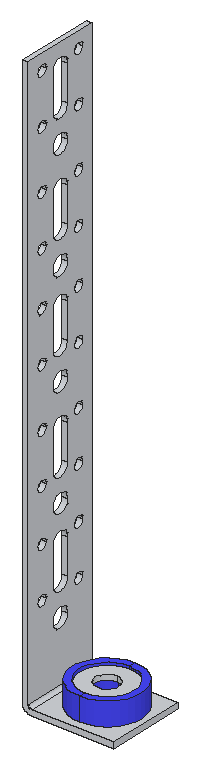
Revit family "Kanalhalter LLN 255", category Allgemeines Modell, Revit 2018
Family settings
  Kann Basisbauteil für Bewehrung sein = Nein
  Bemaßung runder Anschluss = Durchmesser verwenden
  Teiletyp = Normal
  Arbeitsebenenbasiert = Ja
  Immer vertikal = Nein
  Beim Laden mit Abzugskörper schneiden = Nein
  Gemeinsam genutzt = Ja
  Raumberechnungspunkt = Nein
Parameters
  vpe = "50"
  max. zul. Last stehend = 0.00 kN
  max. zul. Last hängend = 0.30 kN
  max. Temperaturbeständigkeit = "100 °C"
  Default Elevation = 1219.2 mm
  Stärke Material = 2.5 mm
  Schalldämmeinlage = "Gummi SBR"
  Regelhalter [instance] = ""
  Mengeneinheit = "St"
  Länge = 40 mm
  Kurztext2 = "Höhe 255 mm Gummi genietet"
  Kurztext1 = "Kanalhalter LLN"
  Höhe = "255 mm"
  Gewicht pro Bauteil = Gewicht  # 0.19 kg
  Gewicht = 0.19 kg
  Firma = "MEFA Befestigungs- und Montagesysteme GmbH"
  Fabrikat = "MEFA"
  EAN = "4250928446978"
  Dämmelementtyp = "genietet"
  Breite Material = "35 mm"
  Bauart = "L"
  Ausführung = "leicht"
  Artikelnummer = "9998372"
  Anschluss = "M8/M10"
Reference planes
  plane 1 "Mitte (Vorne/hinten)": y = 0
  plane 2: z = 0
  plane 3 "Mitte (Links/rechts)": x = 0
Dimensions and locks
  aligned and locked: level to plane 2
Nested families
  nested 1: "Kanalhalterwinkel LLN 255" at (0, 0, 0), type "MEFA Kanalhalterwinkel LLN165"
  nested 2: "Gummipuffer für SD" at (23, 0, 13.25) x (0, -1, 0) z (1, 0, 0), type "Gummipuffer für SD"
  nested 3: "Unterlegscheibe 10,5x25x2,0" at (23, 0, 10.25) x (0, 1, 0) z (0, 0, 1), type "Unterlegscheibe 10,5x25x2,0"
Definition of nested family "Kanalhalterwinkel LLN 255"
  Parameters (values of type "MEFA Kanalhalterwinkel LLN165")
    Default Elevation = 1219.2 mm
    Regelhalter [instance] = ""
  Reference planes
    plane 1 "Mitte (Vorne/hinten)": y = 0
    plane 2: z = 0
    plane 3 "Mitte (Links/rechts)": x = 0
    plane 4: z = 255
  Forms (mm)
    Extrusion 1, solid
      sketch origin (0, 0, 0) x (1, 0, 0) y (0, 0, 1)
        loop
          arc (0, 4) -> (1.172, 1.172) -> (4, 0) r 4
          line (4, 0) -> (40, 0) -> (40, 2.496) -> (3.995, 2.496)
          arc (3.995, 2.496) -> (2.935, 2.935) -> (2.495, 3.996) r 1.5
          line (2.495, 3.996) -> (2.495, 255) -> (0, 255) -> (0, 4)
      from -17.5 to 17.5
    Extrusion 2, void
      sketch origin (0, 0, -7.75) x (0, 1, 0) y (0, 0, 1)
        loop
          circle (10, 71) r 2.5
        loop
          circle (10, 49) r 2.5
        loop
          circle (-10, 71) r 2.5
        loop
          circle (-10, 49) r 2.5
        loop
          circle (0, 38) r 4.25
        loop
          arc (4.25, 67.75) -> (0, 72) -> (-4.25, 67.75) r 4.25
          line (-4.25, 67.75) -> (-4.25, 52.25)
          arc (-4.25, 52.25) -> (0, 48) -> (4.25, 52.25) r 4.25
          line (4.25, 52.25) -> (4.25, 67.75)
      from 0 to 10
    Extrusion 3, void
      sketch origin (0, 0, 0) x (1, 0, 0) y (0, 1, 0)
        loop
          circle (23, 0) r 9
      from 0 to 10
    Extrusion 4, void
      sketch origin (0, 0, 36.889) x (0, 1, 0) y (0, 0, 1)
        loop
          circle (10, 71) r 2.5
        loop
          circle (10, 49) r 2.5
        loop
          circle (-10, 71) r 2.5
        loop
          circle (-10, 49) r 2.5
        loop
          circle (0, 38) r 4.25
        loop
          arc (4.25, 67.75) -> (0, 72) -> (-4.25, 67.75) r 4.25
          line (-4.25, 67.75) -> (-4.25, 52.25)
          arc (-4.25, 52.25) -> (0, 48) -> (4.25, 52.25) r 4.25
          line (4.25, 52.25) -> (4.25, 67.75)
      from 0 to 10
    Extrusion 5, void
      sketch origin (0, 0, 84.424) x (0, 1, 0) y (0, 0, 1)
        loop
          circle (10, 71) r 2.5
        loop
          circle (10, 49) r 2.5
        loop
          circle (-10, 71) r 2.5
        loop
          circle (-10, 49) r 2.5
        loop
          circle (0, 38) r 4.25
        loop
          arc (4.25, 67.75) -> (0, 72) -> (-4.25, 67.75) r 4.25
          line (-4.25, 67.75) -> (-4.25, 52.25)
          arc (-4.25, 52.25) -> (0, 48) -> (4.25, 52.25) r 4.25
          line (4.25, 52.25) -> (4.25, 67.75)
      from 0 to 10
    Extrusion 6, void
      sketch origin (0, 0, 129.75) x (0, 1, 0) y (0, 0, 1)
        loop
          circle (10, 71) r 2.5
        loop
          circle (10, 49) r 2.5
        loop
          circle (-10, 71) r 2.5
        loop
          circle (-10, 49) r 2.5
        loop
          circle (0, 38) r 4.25
        loop
          arc (4.25, 67.75) -> (0, 72) -> (-4.25, 67.75) r 4.25
          line (-4.25, 67.75) -> (-4.25, 52.25)
          arc (-4.25, 52.25) -> (0, 48) -> (4.25, 52.25) r 4.25
          line (4.25, 52.25) -> (4.25, 67.75)
      from 0 to 10
    Extrusion 7, void
      sketch origin (0, 0, 177.25) x (0, 1, 0) y (0, 0, 1)
        loop
          circle (10, 71) r 2.5
        loop
          circle (10, 49) r 2.5
        loop
          circle (-10, 71) r 2.5
        loop
          circle (-10, 49) r 2.5
        loop
          circle (0, 38) r 4.25
        loop
          arc (4.25, 67.75) -> (0, 72) -> (-4.25, 67.75) r 4.25
          line (-4.25, 67.75) -> (-4.25, 52.25)
          arc (-4.25, 52.25) -> (0, 48) -> (4.25, 52.25) r 4.25
          line (4.25, 52.25) -> (4.25, 67.75)
      from 0 to 10
  Cuts and joins
    Extrusion 2, Extrusion 3, Extrusion 4, Extrusion 5, Extrusion 6, Extrusion 7 cuts Extrusion 1
  Dimensions and locks
    plane 4 to level = 255 mm
    aligned and locked: level to plane 2
    aligned and locked: plane 4 to cut or joined group of Extrusion 1, Extrusion 2, Extrusion 3, Extrusion 4, Extrusion 5, Extrusion 6, Extrusion 7
Definition of nested family "Gummipuffer für SD"
  Parameters (values of type "Gummipuffer für SD")
    Default Elevation = 1219.2 mm
    Regelhalter [instance] = ""
  Reference planes
    plane 1 "Mitte (Vorne/hinten)": y = 0
    plane 2: z = 0
    plane 3 "Mitte (Links/rechts)": x = 0
  Forms (mm)
    Revolve 1, solid
      sketch origin (0, 0, 0) x (1, 0, 0) y (0, 1, 0)
        loop
          line (-12, 0) -> (-12, 3) -> (-6, 3) -> (-6, 19) -> (-9.25, 19) -> (-10.75, 17.5) -> (-10.75, 14) -> (-8.5, 14) -> (-8.5, 10) -> (-15, 10) -> (-15, 0) -> (-12, 0)
        axis (0, 0) -> (0, 19)
      angle from 0 to 360
  Dimensions and locks
    aligned and locked: level to plane 2
Definition of nested family "Unterlegscheibe 10,5x25x2,0"
  Parameters (values of type "Unterlegscheibe 10,5x25x2,0")
    vpe = "100"
    max. zul. Last stehend = 0.00 kN
    max. zul. Last hängend = 0.00 kN
    max. Temperaturbeständigkeit = ""
    Default Elevation = 1219.2 mm
    Stärke Material = 0 mm
    Schalldämmeinlage = ""
    Regelhalter [instance] = ""
    Mengeneinheit = "St"
    Länge = 2 mm
    Kurztext2 = "10.5 x 20 x 2 mm gvz"
    Kurztext1 = "Unterlegscheibe DIN EN ISO 7089"
    Höhe = ""
    Gewicht = 0.0036 kg
    Fabrikat = "MEFA"
    EAN = "4250928439048"
    Dämmelementtyp = ""
    D0 = 10.5 mm
    D = 25 mm
    Breite Material = ""
    Bauart = ""
    Artikelnummer = "4320263"
    Anschluss = ""
  Reference planes
    plane 1 "Mitte (Vorne/hinten)": y = 0
    plane 2: z = 0
    plane 3 "Mitte (Links/rechts)": x = 0
    plane 4: z = 2
  Forms (mm)
    Extrusion 1, solid
      sketch origin (0, 0, 0) x (1, 0, 0) y (0, 1, 0)
        loop
          circle (0, 0) r 12.5
      from 0 to 2
    Extrusion 2, void
      sketch origin (0, 0, 0) x (1, 0, 0) y (0, 1, 0)
        loop
          circle (0, 0) r 5.25
      from 0 to 2
  Cuts and joins
    Extrusion 2 cuts Extrusion 1
  Lines and regions (mm)
    model lines, not visible
      curve 1: line (9.299, 0, 2) -> (-10.701, 0, 2)
      curve 2: line (0, 15.717, 2) -> (0, -4.283, 2)
      curve 3: line (0, 10.717, 0) -> (0, -9.283, 0)
      curve 4: line (6.799, 0, 0) -> (-13.201, 0, 0)
      curve 5: line (0, 0, 69.337) -> (0, 0, -112.663)
  Dimensions and locks
    "Länge": level to plane 4
    "D": diameter of Extrusion 1 sketch curve
    "D0": diameter of Extrusion 2 sketch curve
    aligned and locked: level to plane 2
    aligned and locked: Extrusion 1 to level
    aligned and locked: Extrusion 1 to curve 1
    aligned and locked: plane 4 to Extrusion 1
    aligned and locked: curve 2 to plane 4
    aligned and locked: curve 3 to level
    aligned and locked: curve 4 to level
    aligned and locked: plane 3 "Mitte (Links/rechts)" to curve 5
    aligned and locked: curve 5 to plane 1 "Mitte (Vorne/hinten)"
    aligned and locked: Extrusion 1 to Extrusion 2
    aligned and locked: Extrusion 2 to level
  Automatic sketch dimensions
    plane 1 "Mitte (Vorne/hinten)" to curve 2 = 4.283 mm
    plane 1 "Mitte (Vorne/hinten)" to curve 3 = 9.283 mm
    curve 3 to plane 1 "Mitte (Vorne/hinten)" = 10.717 mm
    curve 2 to plane 1 "Mitte (Vorne/hinten)" = 15.717 mm
    curve 4 to plane 3 "Mitte (Links/rechts)" = 13.201 mm
    curve 1 to plane 3 "Mitte (Links/rechts)" = 10.701 mm
    plane 3 "Mitte (Links/rechts)" to curve 4 = 6.799 mm
    plane 3 "Mitte (Links/rechts)" to curve 1 = 9.299 mm
    curve 5 to level = 112.663 mm
    plane 4 to curve 5 = 67.337 mm
    plane 1 "Mitte (Vorne/hinten)" to Extrusion 1 sketch curve = 0 mm
    Extrusion 1 sketch curve to plane 3 "Mitte (Links/rechts)" = 0 mm
    plane 1 "Mitte (Vorne/hinten)" to Extrusion 2 sketch curve = 0 mm
    Extrusion 2 sketch curve to plane 3 "Mitte (Links/rechts)" = 0 mm
